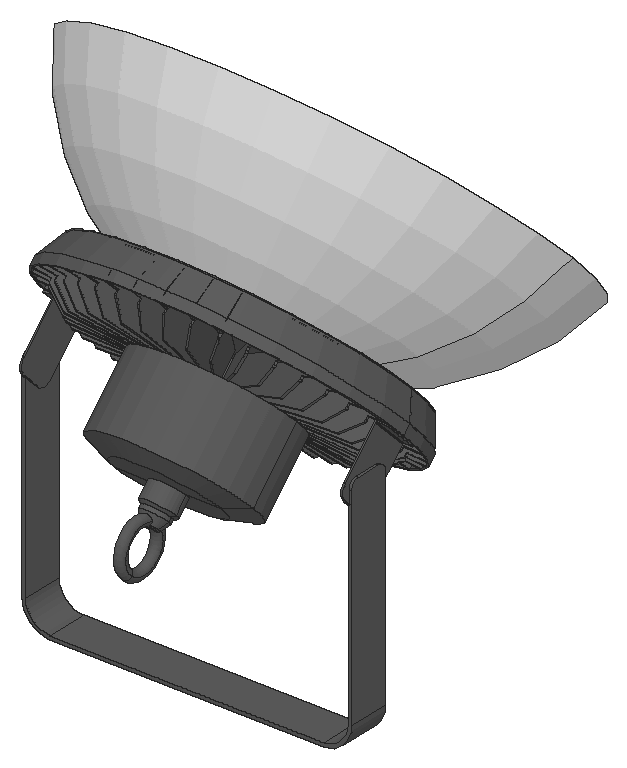
Revit family "0039345+0039354+0039356 Feilo Sylvania Lighting Fixture START HIGHBAY 4K 19KLM MEDIUM with BRACKET and ALU SHADE ALU COLOR", category Lighting Fixtures, host Face, Revit 2017
Family settings
  Host = Face
  Round Connector Dimension = Use Diameter
  Part Type = Normal
  OmniClass Number = 23.80.70.00
  OmniClass Title = Lighting
  Cut with Voids When Loaded = No
  Light Source = No
  Shared = No
  Room Calculation Point = No
Parameters (values of type "0039345+0039354+0039356 START HIGHBAY 4K 19KLM MEDIUM with BRACKET and ALU SHADE ALU COLOR")
  Weight = "3.4 kg"
  Wattage Comments = ""
  WarrantyStartDate [instance] = "n/a"
  WarrantyGuarantorParts = "n/a"
  WarrantyDurationUnit = "n/a"
  WarrantyDurationParts = "n/a"
  WarrantyDescription = "n/a"
  Voltage = 230 V
  URL = "http://www.sylvania-lighting.com"
  TypeName = "START HIGHBAY 4K 19KLM MEDIUM with BRACKET and ALU SHADE ALU COLOR"
  TypeHead_FEILO = Start LED Highbay Head : 0039345+0039354+0039356 START HIGHBAY 4K 19KLM MEDIUM with BRACKET and ALU SHADE ALU COLOR
  Type Image = <None>
  Type Comments = "n/a"
  TiltAngle_FEILO [instance] = 45.00°
  ThicknessBracketPlate_FEILO = 3 mm
  SizeBracketS_FEILO = no
  SizeBracketM_FEILO = yes
  SerialNumber [instance] = "n/a"
  RadiusBracketTop_FEILO = 7 mm
  RadiusBendOut_FEILO = if(SizeBracketS_FEILO, 18 mm, if(SizeBracketM_FEILO, 24 mm, 28 mm))  # 24 mm
  RadiusBendIn_FEILO = RadiusBendOut_FEILO - ThicknessBracketPlate_FEILO  # 21 mm
  Material_3_FEILO = none
  PowerFactor = 0.95
  PowerConsumption = "150 W"
  NominalLength = 296 mm
  NominalHeight = 177 mm
  NominalDepth = 296 mm
  Name = "START HIGHBAY 4K 19KLM MEDIUM with BRACKET and ALU SHADE ALU COLOR"
  ModelReference = Name  # "START HIGHBAY 4K 19KLM MEDIUM with BRACKET and ALU SHADE ALU COLOR"
  ModelNumber = "0039345+0039354+0039356"
  Model = Name  # "START HIGHBAY 4K 19KLM MEDIUM with BRACKET and ALU SHADE ALU COLOR"
  Material = "aluminium alloy housing, polycarbonate diffuser"
  ManufacturerName = "Feilo Sylvania"
  Manufacturer = "Feilo Sylvania"
  LuminousEfficacy = "130 lm/W"
  LuminaireType = ""
  LightOutputRatio = "n/a"
  LampsType = Lamp  # "LED"
  LampNominalLuminous = "19500 lm"
  LampMacAdamStep = "n/a"
  LampColourTemperature = "4000 K"
  LampColourRenderingIndex = "80"
  Lamp = "LED"
  Keynote = "16500"
  InstallationDate [instance] = "n/a"
  InputVoltage = "220-240V~"
  InputNominalFrequency = "50/60 Hz"
  IngressProtection = "IP65"
  ImpactProtectionIndex = "IK08"
  IfcExportType = "IfcLightFixtureType"
  IfcExportAs = "IfcLightFixtureType"
  ExpectedLife = 50000
  EndAngle_FEILO [instance] = TiltAngle_FEILO + 180.00°  # 225.00°
  ElectricShockClassification = "Class I"
  DurationUnit = "hours"
  DocumentationLiterature = "http://www.sylvania-lighting.com/product/en-int/products/0039345"
  DimmingControlOptions = "n/a"
  Material_2_FEILO = none
  Description = "START HIGHBAY, includes 1 m cables, black aluminium housing, 19500LM, 150W, 130lm/W, 4000K, Driver current: 3210mA, CR80, 60° beam angle, 1-10V dimmable,  IP65, IK08, 50,000 hrs (L70B50), (LxWxH) 296x296x177mm"
  Default Elevation = 1219.2 mm
  CreatedOn = "2/28/2018"
  CreatedBy = ""
  Cost = 0
  built-in parameter 1114216 [instance] = (empty or 0)
  ClassificationValue = "EF_70_80"
  ClassificationName = "Uniclass2015"
  Material_1_FEILO = Body-Sylvania-StartHighbay-Black
  BracketHeight_FEILO = if(SizeBracketS_FEILO, 199.5 mm, if(SizeBracketM_FEILO, 209.6 mm, 201.3 mm))  # 209.6 mm
  BracketDistanceInner_FEILO = if(SizeBracketS_FEILO, 249.4 mm, if(SizeBracketM_FEILO, 273.6 mm, 313.2 mm))  # 273.6 mm
  BarCode [instance] = "n/a"
  AssetType = "Fixed"
  AssetIdentifier [instance] = "n/a"
  Assembly Code = "D5020200"
  Apparent Load = 150 VA
  Material_4_FEILO = none
Reference planes
  plane 1 "Center (Front/Back)": y = 0
  plane 2: z = 0
  plane 3 "Center (Left/Right)": x = 0
  plane 4: x = -139.8
  plane 5: x = 139.8
  plane 6: z = 209.6
  plane 7: x = -136.8
  plane 8: z = 3
  plane 9: x = 136.8
  plane 10: y = 17.5
  plane 11: y = -17.5
  plane 12: y = -19.5
  plane 13: z = 211.6
  plane 14: y = 19.5
  plane 15: z = 200.6
Forms (mm)
  Extrusion 1, solid, material "Body-Sylvania-StartHighbay-Black" <- "Material_1_FEILO"
    sketch origin (0, 0, 0) x (1, 0, 0) y (0, 0, 1)
      loop
        line (-139.8, 209.6) -> (-139.8, 24)
        arc (-139.8, 24) -> (-132.771, 7.029) -> (-115.8, 0) r 24
        line (-115.8, 0) -> (115.8, 0)
        arc (115.8, 0) -> (132.771, 7.029) -> (139.8, 24) r 24
        line (139.8, 24) -> (139.8, 209.6) -> (136.8, 209.6) -> (136.8, 24)
        arc (136.8, 24) -> (130.649, 9.151) -> (115.8, 3) r 21
        line (115.8, 3) -> (-115.8, 3)
        arc (-115.8, 3) -> (-130.649, 9.151) -> (-136.8, 24) r 21
        line (-136.8, 24) -> (-136.8, 209.6) -> (-139.8, 209.6)
    from -17.5 to 17.5
  Extrusion 2, void
    sketch origin (0, 0, 0) x (0, 1, 0) y (0, 0, 1)
      loop
        arc (10.5, 209.6) -> (15.45, 207.55) -> (17.5, 202.6) r 7
        line (17.5, 202.6) -> (19.5, 202.6) -> (19.5, 211.6) -> (-19.5, 211.6) -> (-19.5, 202.6) -> (-17.5, 202.6)
        arc (-17.5, 202.6) -> (-15.45, 207.55) -> (-10.5, 209.6) r 7
        line (-10.5, 209.6) -> (10.5, 209.6)
    from -139.8 to 139.8
  Revolve 3, solid, not visible
    sketch origin (1223.4, -4572, 200.6) x (0, -1, 0) y (1, 0, 0)
      loop
        line (-4572, -1223.4) -> (-4591.5, -1223.4) -> (-4591.5, -1277.783) -> (-4572, -1277.783) -> (-4572, -1223.4)
      axis (-4572, -1223.4) -> (-4572, -1277.783)
    angle from 45 <- "TiltAngle_FEILO" to 225 <- "EndAngle_FEILO"
Cuts and joins
  Extrusion 2 cuts Extrusion 1
Dimensions and locks
  "BracketHeight_FEILO": plane 6 to plane 2
  equal spacing: plane 11, plane 1 "Center (Front/Back)", plane 10
  locked: plane 11 to plane 10 at 35
  equal spacing: plane 9, plane 3 "Center (Left/Right)", plane 7
  "BracketDistanceInner_FEILO": plane 9 to plane 7
  "ThicknessBracketPlate_FEILO": plane 7 to plane 4
  "ThicknessBracketPlate_FEILO": plane 8 to plane 2
  equal spacing: plane 5, plane 3 "Center (Left/Right)", plane 4
  equal spacing: plane 12, plane 1 "Center (Front/Back)", plane 14
  locked: plane 6 to plane 13 at 2
  locked: plane 12 to plane 11 at 2
  locked: plane 6 to plane 15 at 9
  "RadiusBendOut_FEILO": radius of Extrusion 1 sketch curve  (x2)
  "RadiusBendIn_FEILO": radius of Extrusion 1 sketch curve  (x2)
  "RadiusBracketTop_FEILO": radius of Extrusion 2 sketch curve  (x2)
  aligned and locked: plane 2 to host face
  aligned and locked: level to host face
  aligned and locked: Extrusion 1 sketch curve to plane 4
  aligned and locked: Extrusion 1 sketch curve to level
  aligned and locked: plane 6 to Extrusion 1 sketch curve
  aligned and locked: Extrusion 1 sketch curve to plane 6
  aligned and locked: Extrusion 1 sketch curve to plane 7
  aligned and locked: plane 9 to Extrusion 1 sketch curve
  aligned and locked: plane 8 to Extrusion 1 sketch curve
  aligned and locked: Extrusion 1 to plane 10
  aligned and locked: plane 11 to Extrusion 1
  aligned and locked: Extrusion 1 to Extrusion 2 sketch curve
  aligned and locked: plane 14 to Extrusion 2 sketch curve  (x2)
  aligned and locked: Extrusion 2 sketch curve to plane 12
  aligned and locked: plane 13 to Extrusion 2 sketch curve
  aligned and locked: plane 5 to Extrusion 2
  aligned and locked: Extrusion 2 to plane 4
  aligned and locked: Revolve 3 sketch curve to plane 1 "Center (Front/Back)"
  aligned and locked: Revolve 3 sketch curve to Revolve 3 sketch curve
  aligned and locked: plane 3 "Center (Left/Right)" to Revolve 3 sketch curve
  aligned and locked: Revolve 3 sketch curve to plane 14
  aligned and locked: nested 1 to plane 3 "Center (Left/Right)"
Automatic sketch dimensions
  host sketch curve to host sketch curve = 2438.4 mm  (x2)
  Revolve 3 sketch curve to Revolve 3 sketch curve = 54.383 mm
  Revolve 3 sketch curve to plane 4 = 1396.3 mm
  plane 5 to Revolve 3 sketch curve = 1396.3 mm
  Extrusion 1 sketch curve to Extrusion 1 sketch curve = 0 mm
  Extrusion 2 sketch curve to plane 11 = 0 mm
  Extrusion 2 sketch curve to plane 10 = 0 mm
Nested families
  nested 1: "Start LED Highbay Head" at (0, 0, 200.6) x (-1, 0, 0) z (0, 0.7071, 0.7071), type <- "TypeHead_FEILO", type "0039345+0039354+0039356 START HIGHBAY 4K 19KLM MEDIUM with BRACKET and ALU SHADE ALU COLOR"
    with built-in parameter 1114216 (empty or 0)
Connectors
  electrical at (0, 0, 0), driven by "Apparent Load", driven by "PowerFactor", driven by "Voltage"
    settings: index 1, voltage 230 V, apparent load 150 VA, apparent load phase1 0 VA, apparent load phase2 0 VA, apparent load phase3 0 VA, power factor 0.95, load classification "Lighting", number of poles 1, system type 30, power factor state 1, is connector primary yes, connector utility no, sub classification motor no, connector description ""
Definition of nested family "Start LED Highbay Head"
  Parameters (values of type "0039351+0039354+0039358 START HIGHBAY 6K 19KLM WIDE with BRACKET and PC LAMPSHADE TRANSPARENT ")
    X_FEILO = if(SizeS_FEILO, 60.3 mm, if(SizeM_FEILO, 70.4 mm, 83.5 mm))  # 70.4 mm
    WidthStraight_FEILO = if(SizeS_FEILO, 3 mm, if(SizeM_FEILO, 4 mm, 4.7 mm))  # 4 mm
    WidthRingChamfer_FEILO = if(SizeS_FEILO, 10.3 mm, if(SizeM_FEILO, 11.2 mm, 12.9 mm))  # 11.2 mm
    WidthCurved_FEILO = if(SizeS_FEILO, 17.4 mm, if(SizeM_FEILO, 16.4 mm, 26.2 mm))  # 16.4 mm
    WidthCurvedRing_FEILO = if(SizeS_FEILO, 3 mm, if(SizeM_FEILO, 4 mm, 4.7 mm))  # 4 mm
    WidthBracket_FEILO = 40 mm
    Wattage Comments = ""
    Wattage = 150 W
    built-in parameter 1150110 = 1 (stored number, unit not read)
    URL = "http://www.feilosylvania.com"
    Type Image = (empty or 0)
    Type Comments = "n/a"
    built-in parameter 1114217 = 1 (stored number, unit not read)
    Tilt Angle = -90.00°
    ThicknessWall_FEILO = 1.5 mm
    ThicknessBracket_FEILO = 1.5 mm
    ThicknessBracketHalf_FEILO = ThicknessBracket_FEILO / 2  # 0.75 mm
    built-in parameter 1150109 = 1 (stored number, unit not read)
    built-in parameter 1150134 = 1
    built-in parameter 1150113 = 1 (stored number, unit not read)
    SizeS_FEILO = no
    SizeM_FEILO = yes
    ShadeThickness_FEILO = 3 mm
    ShadeSizeSM_FEILO = or(SizeS_FEILO, SizeM_FEILO)  # yes
    ShadeRadiusOut_FEILO = 205 mm
    ShadeRadiusIn_FEILO = if(ShadeSizeSM_FEILO, 95 mm, 121 mm)  # 95 mm
    ShadeRadiusBend_FEILO = if(ShadeSizeSM_FEILO, 210 mm, 210 mm)  # 210 mm
    ShadeOn_FEILO = yes
    ShadeHeight_FEILO = if(ShadeSizeSM_FEILO, 120 mm, 151 mm)  # 120 mm
    Rib4_FEILO = if(SizeS_FEILO, 18.1 mm, if(SizeM_FEILO, 13.6 mm, 14.6 mm))  # 13.6 mm
    Rib3_FEILO = if(SizeS_FEILO, 15.3 mm, if(SizeM_FEILO, 17.6 mm, 20.2 mm))  # 17.6 mm
    Rib2_FEILO = if(SizeS_FEILO, 3.6 mm, if(SizeM_FEILO, 3.9 mm, 4.5 mm))  # 3.9 mm
    Rib1_FEILO = if(SizeS_FEILO, 15.1 mm, if(SizeM_FEILO, 16.5 mm, 19 mm))  # 16.5 mm
    RadiusDiffuser_FEILO = if(SizeS_FEILO, 95.2 mm, if(SizeM_FEILO, 105.3 mm, 120 mm))  # 105.3 mm
    RadiusArrayPost_FEILO = DriverRadius_FEILO - 6 mm  # 61.2 mm
    RHRadius3_FEILO = if(SizeS_FEILO, 6.6 mm, if(SizeM_FEILO, 7.4 mm, 8.6 mm))  # 7.4 mm
    RHRadius2_FEILO = if(SizeS_FEILO, 11 mm, if(SizeM_FEILO, 12 mm, 14 mm))  # 12 mm
    RHRadius1_FEILO = if(SizeS_FEILO, 13.6 mm, if(SizeM_FEILO, 14.9 mm, 17.7 mm))  # 14.9 mm
    RHHeight4_FEILO = if(SizeS_FEILO, 7.3 mm, if(SizeM_FEILO, 8 mm, 9.2 mm))  # 8 mm
    RHHeight3_FEILO = if(SizeS_FEILO, 3.6 mm, if(SizeM_FEILO, 3.7 mm, 4.6 mm))  # 3.7 mm
    RHHeight2_FEILO = if(SizeS_FEILO, 2 mm, if(SizeM_FEILO, 2.2 mm, 2.6 mm))  # 2.2 mm
    RHHeight1_FEILO = if(SizeS_FEILO, 11.8 mm, if(SizeM_FEILO, 15.3 mm, 17.4 mm))  # 15.3 mm
    Photometric Web File = "0039351+0039358.ies"
    Material_5_FEILO = none
    Material_3_FEILO = none
    Model = "START HIGHBAY 6K 19KLM WIDE with BRACKET and PC LAMPSHADE TRANSPARENT"
    Manufacturer = "Feilo Sylvania"
    built-in parameter 1150105 = 10854.2 (stored number, unit not read)
    Lumens = 19500 lm
    built-in parameter 1150115 = 1 (stored number, unit not read)
    built-in parameter 1150137 = (empty or 0)
    built-in parameter 1150139 = (empty or 0)
    built-in parameter 1150112 = 1 (stored number, unit not read)
    built-in parameter 1150114 = 1 (stored number, unit not read)
    Lamp = "LED"
    Keynote = "16500"
    built-in parameter 1150132 = (empty or 0)
    built-in parameter 1150102 = (empty or 0)
    built-in parameter 1150107 = 6500 (stored number, unit not read)
    built-in parameter 1150138 = (empty or 0)
    built-in parameter 1150106 = 108.54 (stored number, unit not read)
    HeightRing_FEILO = if(SizeS_FEILO, 19.8 mm, if(SizeM_FEILO, 32 mm, 36.8 mm))  # 32 mm
    HeightRingChamfer_FEILO = if(SizeS_FEILO, 11.7 mm, if(SizeM_FEILO, 23.2 mm, 26.6 mm))  # 23.2 mm
    EyeThickness_FEILO = if(SizeS_FEILO, 8.4 mm, if(SizeM_FEILO, 9.2 mm, 10.5 mm))  # 9.2 mm
    EyeThicknessHalf_FEILO = EyeThickness_FEILO / 2  # 4.6 mm
    EyeInner_FEILO = if(SizeS_FEILO, 13.8 mm, if(SizeM_FEILO, 15.1 mm, 17.3 mm))  # 15.1 mm
    Emit from Circle Diameter = RadiusDiffuser_FEILO * 2  # 210.6 mm
    Emit Shape Visible in Rendering = no
    built-in parameter 1150104 = 12.077 (stored number, unit not read)
    DriverVerticalStraight_FEILO = if(SizeS_FEILO, 46.5 mm, if(SizeM_FEILO, 49.7 mm, 57 mm))  # 49.7 mm
    DriverVerticalChamfer_FEILO = if(SizeS_FEILO, 7.5 mm, if(SizeM_FEILO, 8.2 mm, 9.5 mm))  # 8.2 mm
    DriverRadius_FEILO = if(SizeS_FEILO, 61.4 mm, if(SizeM_FEILO, 67.2 mm, 76.4 mm))  # 67.2 mm
    DriverRadiusTop_FEILO = if(SizeS_FEILO, 42 mm, if(SizeM_FEILO, 45.3 mm, 52.4 mm))  # 45.3 mm
    DriverBottom_FEILO = if(SizeS_FEILO, 56 mm, if(SizeM_FEILO, 64.5 mm, 74 mm))  # 64.5 mm
    Material_2_FEILO = none
    Radius_FEILO = if(SizeS_FEILO, 135 mm, if(SizeM_FEILO, 148 mm, 169.5 mm))  # 148 mm
    Dimming Lamp Color Temperature Shift = (empty or 0)
    DiameterWire_FEILO = 3 mm
    DiameterWireSupport_FEILO = 10 mm
    Description = "START HIGHBAY, includes 1 m cables, black aluminium housing, 19500LM, 150W, 130lm/W, 6500K, Driver current: 2140mA, CR80, 60° beam angle, 1-10V dimmable,  IP65, IK08, 50,000 hrs (L70B50), (LxWxH) 296x296x177mm"
    Default Elevation = 1219.2 mm
    Cost = 0
    Color Filter = 16777215
    built-in parameter 1114216 [instance] = (empty or 0)
    Material_1_FEILO = none
    built-in parameter 1114218 = 1 (stored number, unit not read)
    built-in parameter 1150133 = 10 (stored number, unit not read)
    Assembly Code = "D5020200"
    Apparent Load = 150 VA
    Material_4_FEILO = none
  Types (36, lengths in mm): name | X_FEILO | WidthStraight_FEILO | WidthRingChamfer_FEILO | WidthCurved_FEILO | WidthCurvedRing_FEILO | Wattage | built-in parameter 1150134 | SizeS_FEILO | SizeM_FEILO | ShadeSizeSM_FEILO | ShadeRadiusIn_FEILO | ShadeOn_FEILO | ShadeHeight_FEILO | Rib4_FEILO | Rib3_FEILO | Rib2_FEILO | Rib1_FEILO | RadiusDiffuser_FEILO | RadiusArrayPost_FEILO | RHRadius3_FEILO | RHRadius2_FEILO | RHRadius1_FEILO | RHHeight4_FEILO | RHHeight3_FEILO | RHHeight2_FEILO | RHHeight1_FEILO | Photometric Web File | Model | built-in parameter 1150105 | Lumens | built-in parameter 1150107 | built-in parameter 1150106 | HeightRing_FEILO | HeightRingChamfer_FEILO | EyeThickness_FEILO | EyeThicknessHalf_FEILO | EyeInner_FEILO | Emit from Circle Diameter | DriverVerticalStraight_FEILO | DriverVerticalChamfer_FEILO | DriverRadius_FEILO | DriverRadiusTop_FEILO | DriverBottom_FEILO | Radius_FEILO | Description | Apparent Load
    0039352+0039355+0039361 START HIGHBAY 6K 26KLM WIDE with BRACKET and PC LAMPSHADE TRANSPARENT | 83.5 | 4.7 | 12.9 | 26.2 | 4.7 | 200 W | 1 | no | no | no | 121 | yes | 151 | 14.6 | 20.2 | 4.5 | 19 | 120 | 70.4 | 8.6 | 14 | 17.7 | 9.2 | 4.6 | 2.6 | 17.4 | "0039352+0039361.ies" | "START HIGHBAY 6K 26KLM WIDE with BRACKET and PC LAMPSHADE TRANSPARENT" | 17911 (stored number, unit not read) | 26000 lm | 6500 (stored number, unit not read) | 179.11 (stored number, unit not read) | 36.8 | 26.6 | 10.5 | 5.25 | 17.3 | 240 | 57 | 9.5 | 76.4 | 52.4 | 74 | 169.5 | "START HIGHBAY, includes 1 m cables, black aluminium housing, 26000LM, 200W, 130lm/W, 6500K, Driver current: 5000mA, CR80, 60° beam angle, 1-10V dimmable,  IP65, IK08, 50,000 hrs (L70B50), (LxWxH) 339x339x194mm" | 200 VA
    0039352+0039355+0039360 START HIGHBAY 6K 26KLM WIDE with BRACKET and ALU SHADE BLACK COLOR | 83.5 | 4.7 | 12.9 | 26.2 | 4.7 | 200 W | 1 | no | no | no | 121 | yes | 151 | 14.6 | 20.2 | 4.5 | 19 | 120 | 70.4 | 8.6 | 14 | 17.7 | 9.2 | 4.6 | 2.6 | 17.4 | "0039352+0039360.ies" | "START HIGHBAY 6K 26KLM WIDE with BRACKET and ALU SHADE BLACK COLOR" | 14870 (stored number, unit not read) | 26000 lm | 6500 (stored number, unit not read) | 148.7 (stored number, unit not read) | 36.8 | 26.6 | 10.5 | 5.25 | 17.3 | 240 | 57 | 9.5 | 76.4 | 52.4 | 74 | 169.5 | "START HIGHBAY, includes 1 m cables, black aluminium housing, 26000LM, 200W, 130lm/W, 6500K, Driver current: 5000mA, CR80, 60° beam angle, 1-10V dimmable,  IP65, IK08, 50,000 hrs (L70B50), (LxWxH) 339x339x194mm" | 200 VA
    0039352+0039355+0039359 START HIGHBAY 6K 26KLM WIDE with BRACKET and ALU SHADE ALU COLOR | 83.5 | 4.7 | 12.9 | 26.2 | 4.7 | 200 W | 1 | no | no | no | 121 | yes | 151 | 14.6 | 20.2 | 4.5 | 19 | 120 | 70.4 | 8.6 | 14 | 17.7 | 9.2 | 4.6 | 2.6 | 17.4 | "0039352+0039359.ies" | "START HIGHBAY 6K 26KLM WIDE with BRACKET and ALU SHADE ALU COLOR" | 14870 (stored number, unit not read) | 26000 lm | 6500 (stored number, unit not read) | 148.7 (stored number, unit not read) | 36.8 | 26.6 | 10.5 | 5.25 | 17.3 | 240 | 57 | 9.5 | 76.4 | 52.4 | 74 | 169.5 | "START HIGHBAY, includes 1 m cables, black aluminium housing, 26000LM, 200W, 130lm/W, 6500K, Driver current: 5000mA, CR80, 60° beam angle, 1-10V dimmable,  IP65, IK08, 50,000 hrs (L70B50), (LxWxH) 339x339x194mm" | 200 VA
    0039352+0039355 START HIGHBAY 6K 26KLM WIDE with BRACKET | 83.5 | 4.7 | 12.9 | 26.2 | 4.7 | 200 W | 1 | no | no | no | 121 | no | 151 | 14.6 | 20.2 | 4.5 | 19 | 120 | 70.4 | 8.6 | 14 | 17.7 | 9.2 | 4.6 | 2.6 | 17.4 | "0039352.ies" | "START HIGHBAY 6K 26KLM WIDE with BRACKET" | 13836.2 (stored number, unit not read) | 26000 lm | 6500 (stored number, unit not read) | 138.36 (stored number, unit not read) | 36.8 | 26.6 | 10.5 | 5.25 | 17.3 | 240 | 57 | 9.5 | 76.4 | 52.4 | 74 | 169.5 | "START HIGHBAY, includes 1 m cables, black aluminium housing, 26000LM, 200W, 130lm/W, 6500K, Driver current: 5000mA, CR80, 60° beam angle, 1-10V dimmable,  IP65, IK08, 50,000 hrs (L70B50), (LxWxH) 339x339x194mm" | 200 VA
    0039351+0039354+0039358 START HIGHBAY 6K 19KLM WIDE with BRACKET and PC LAMPSHADE TRANSPARENT | 70.4 | 4 | 11.2 | 16.4 | 4 | 150 W | 1 | no | yes | yes | 95 | yes | 120 | 13.6 | 17.6 | 3.9 | 16.5 | 105.3 | 61.2 | 7.4 | 12 | 14.9 | 8 | 3.7 | 2.2 | 15.3 | "0039351+0039358.ies" | "START HIGHBAY 6K 19KLM WIDE with BRACKET and PC LAMPSHADE TRANSPARENT" | 10854.2 (stored number, unit not read) | 19500 lm | 6500 (stored number, unit not read) | 108.54 (stored number, unit not read) | 32 | 23.2 | 9.2 | 4.6 | 15.1 | 210.6 | 49.7 | 8.2 | 67.2 | 45.3 | 64.5 | 148 | "START HIGHBAY, includes 1 m cables, black aluminium housing, 19500LM, 150W, 130lm/W, 6500K, Driver current: 2140mA, CR80, 60° beam angle, 1-10V dimmable,  IP65, IK08, 50,000 hrs (L70B50), (LxWxH) 296x296x177mm" | 150 VA
    0039351+0039354+0039357 START HIGHBAY 6K 19KLM WIDE with BRACKET and ALU SHADE BLACK COLOR | 70.4 | 4 | 11.2 | 16.4 | 4 | 150 W | 1 | no | yes | yes | 95 | yes | 120 | 13.6 | 17.6 | 3.9 | 16.5 | 105.3 | 61.2 | 7.4 | 12 | 14.9 | 8 | 3.7 | 2.2 | 15.3 | "0039351+0039357.ies" | "START HIGHBAY 6K 19KLM WIDE with BRACKET and ALU SHADE BLACK COLOR" | 11152.5 (stored number, unit not read) | 19500 lm | 6500 (stored number, unit not read) | 111.52 (stored number, unit not read) | 32 | 23.2 | 9.2 | 4.6 | 15.1 | 210.6 | 49.7 | 8.2 | 67.2 | 45.3 | 64.5 | 148 | "START HIGHBAY, includes 1 m cables, black aluminium housing, 19500LM, 150W, 130lm/W, 6500K, Driver current: 2140mA, CR80, 60° beam angle, 1-10V dimmable,  IP65, IK08, 50,000 hrs (L70B50), (LxWxH) 296x296x177mm" | 150 VA
    0039351+0039354+0039356 START HIGHBAY 6K 19KLM WIDE with BRACKET and ALU SHADE ALU COLOR | 70.4 | 4 | 11.2 | 16.4 | 4 | 150 W | 1 | no | yes | yes | 95 | yes | 120 | 13.6 | 17.6 | 3.9 | 16.5 | 105.3 | 61.2 | 7.4 | 12 | 14.9 | 8 | 3.7 | 2.2 | 15.3 | "0039351+0039356.ies" | "START HIGHBAY 6K 19KLM WIDE with BRACKET and ALU SHADE ALU COLOR" | 11152.5 (stored number, unit not read) | 19500 lm | 6500 (stored number, unit not read) | 111.52 (stored number, unit not read) | 32 | 23.2 | 9.2 | 4.6 | 15.1 | 210.6 | 49.7 | 8.2 | 67.2 | 45.3 | 64.5 | 148 | "START HIGHBAY, includes 1 m cables, black aluminium housing, 19500LM, 150W, 130lm/W, 6500K, Driver current: 2140mA, CR80, 60° beam angle, 1-10V dimmable,  IP65, IK08, 50,000 hrs (L70B50), (LxWxH) 296x296x177mm" | 150 VA
    0039351+0039354 START HIGHBAY 6K 19KLM WIDE with BRACKET | 70.4 | 4 | 11.2 | 16.4 | 4 | 150 W | 1 | no | yes | yes | 95 | no | 120 | 13.6 | 17.6 | 3.9 | 16.5 | 105.3 | 61.2 | 7.4 | 12 | 14.9 | 8 | 3.7 | 2.2 | 15.3 | "0039351.ies" | "START HIGHBAY 6K 19KLM WIDE with BRACKET" | 10377.1 (stored number, unit not read) | 19500 lm | 6500 (stored number, unit not read) | 103.77 (stored number, unit not read) | 32 | 23.2 | 9.2 | 4.6 | 15.1 | 210.6 | 49.7 | 8.2 | 67.2 | 45.3 | 64.5 | 148 | "START HIGHBAY, includes 1 m cables, black aluminium housing, 19500LM, 150W, 130lm/W, 6500K, Driver current: 2140mA, CR80, 60° beam angle, 1-10V dimmable,  IP65, IK08, 50,000 hrs (L70B50), (LxWxH) 296x296x177mm" | 150 VA
    0039350+0039353+0039358 START HIGHBAY 6K 13KLM WIDE with BRACKET and PC LAMPSHADE TRANSPARENT | 60.3 | 3 | 10.3 | 17.4 | 3 | 100 W | 1 | yes | no | yes | 95 | yes | 120 | 18.1 | 15.3 | 3.6 | 15.1 | 95.2 | 55.4 | 6.6 | 11 | 13.6 | 7.3 | 3.6 | 2 | 11.8 | "0039350+0039358.ies" | "START HIGHBAY 6K 13KLM WIDE with BRACKET and PC LAMPSHADE TRANSPARENT" | 7236.1 (stored number, unit not read) | 13000 lm | 6500 (stored number, unit not read) | 72.361 (stored number, unit not read) | 19.8 | 11.7 | 8.4 | 4.2 | 13.8 | 190.4 | 46.5 | 7.5 | 61.4 | 42 | 56 | 135 | "START HIGHBAY, includes 1 m cables, black aluminium housing, 13000LM, 100W, 130lm/W, 6500K, Driver current: 2140mA, CR80, 60° beam angle, 1-10V dimmable,  IP65, IK08, 50,000 hrs (L70B50), (LxWxH) 270x270x170mm" | 100 VA
    0039350+0039353+0039357 START HIGHBAY 6K 13KLM WIDE with BRACKET and ALU SHADE BLACK COLOR | 60.3 | 3 | 10.3 | 17.4 | 3 | 100 W | 1 | yes | no | yes | 95 | yes | 120 | 18.1 | 15.3 | 3.6 | 15.1 | 95.2 | 55.4 | 6.6 | 11 | 13.6 | 7.3 | 3.6 | 2 | 11.8 | "0039350+0039357.ies" | "START HIGHBAY 6K 13KLM WIDE with BRACKET and ALU SHADE BLACK COLOR" | 7435 (stored number, unit not read) | 13000 lm | 6500 (stored number, unit not read) | 74.35 (stored number, unit not read) | 19.8 | 11.7 | 8.4 | 4.2 | 13.8 | 190.4 | 46.5 | 7.5 | 61.4 | 42 | 56 | 135 | "START HIGHBAY, includes 1 m cables, black aluminium housing, 13000LM, 100W, 130lm/W, 6500K, Driver current: 2140mA, CR80, 60° beam angle, 1-10V dimmable,  IP65, IK08, 50,000 hrs (L70B50), (LxWxH) 270x270x170mm" | 100 VA
    0039350+0039353+0039356 START HIGHBAY 6K 13KLM WIDE with BRACKET and ALU SHADE ALU COLOR | 60.3 | 3 | 10.3 | 17.4 | 3 | 100 W | 1 | yes | no | yes | 95 | yes | 120 | 18.1 | 15.3 | 3.6 | 15.1 | 95.2 | 55.4 | 6.6 | 11 | 13.6 | 7.3 | 3.6 | 2 | 11.8 | "0039350+0039356.ies" | "START HIGHBAY 6K 13KLM WIDE with BRACKET and ALU SHADE ALU COLOR" | 7435 (stored number, unit not read) | 13000 lm | 6500 (stored number, unit not read) | 74.35 (stored number, unit not read) | 19.8 | 11.7 | 8.4 | 4.2 | 13.8 | 190.4 | 46.5 | 7.5 | 61.4 | 42 | 56 | 135 | "START HIGHBAY, includes 1 m cables, black aluminium housing, 13000LM, 100W, 130lm/W, 6500K, Driver current: 2140mA, CR80, 60° beam angle, 1-10V dimmable,  IP65, IK08, 50,000 hrs (L70B50), (LxWxH) 270x270x170mm" | 100 VA
    0039350+0039353 START HIGHBAY 6K 13KLM WIDE with BRACKET | 60.3 | 3 | 10.3 | 17.4 | 3 | 100 W | 1 | yes | no | yes | 95 | no | 120 | 18.1 | 15.3 | 3.6 | 15.1 | 95.2 | 55.4 | 6.6 | 11 | 13.6 | 7.3 | 3.6 | 2 | 11.8 | "0039350.ies" | "START HIGHBAY 6K 13KLM WIDE with BRACKET" | 6918.1 (stored number, unit not read) | 13000 lm | 6500 (stored number, unit not read) | 69.181 (stored number, unit not read) | 19.8 | 11.7 | 8.4 | 4.2 | 13.8 | 190.4 | 46.5 | 7.5 | 61.4 | 42 | 56 | 135 | "START HIGHBAY, includes 1 m cables, black aluminium housing, 13000LM, 100W, 130lm/W, 6500K, Driver current: 2140mA, CR80, 60° beam angle, 1-10V dimmable,  IP65, IK08, 50,000 hrs (L70B50), (LxWxH) 270x270x170mm" | 100 VA
    0039349+0039355+0039361 START HIGHBAY 4K 26KLM WIDE with BRACKET and PC LAMPSHADE TRANSPARENT FOR | 83.5 | 4.7 | 12.9 | 26.2 | 4.7 | 200 W | 12 | no | no | no | 121 | yes | 151 | 14.6 | 20.2 | 4.5 | 19 | 120 | 70.4 | 8.6 | 14 | 17.7 | 9.2 | 4.6 | 2.6 | 17.4 | "0039349+0039361.ies" | "START HIGHBAY 4K 26KLM WIDE with BRACKET and PC LAMPSHADE TRANSPARENT FOR" | 17911 (stored number, unit not read) | 26000 lm | 4000 (stored number, unit not read) | 179.11 (stored number, unit not read) | 36.8 | 26.6 | 10.5 | 5.25 | 17.3 | 240 | 57 | 9.5 | 76.4 | 52.4 | 74 | 169.5 | "START HIGHBAY, includes 1 m cables, black aluminium housing, 26000LM, 200W, 130lm/W, 4000K, Driver current: 5000mA, CR80, 90° beam angle, 1-10V dimmable,  IP65, IK08, 50,000 hrs (L70B50), (LxWxH) 339x339x194mm" | 200 VA
    0039349+0039355+0039360 START HIGHBAY 4K 26KLM WIDE with BRACKET and ALU SHADE BLACK COLOR | 83.5 | 4.7 | 12.9 | 26.2 | 4.7 | 200 W | 12 | no | no | no | 121 | yes | 151 | 14.6 | 20.2 | 4.5 | 19 | 120 | 70.4 | 8.6 | 14 | 17.7 | 9.2 | 4.6 | 2.6 | 17.4 | "0039349+0039360.ies" | "START HIGHBAY 4K 26KLM WIDE with BRACKET and ALU SHADE BLACK COLOR" | 14870 (stored number, unit not read) | 26000 lm | 4000 (stored number, unit not read) | 148.7 (stored number, unit not read) | 36.8 | 26.6 | 10.5 | 5.25 | 17.3 | 240 | 57 | 9.5 | 76.4 | 52.4 | 74 | 169.5 | "START HIGHBAY, includes 1 m cables, black aluminium housing, 26000LM, 200W, 130lm/W, 4000K, Driver current: 5000mA, CR80, 90° beam angle, 1-10V dimmable,  IP65, IK08, 50,000 hrs (L70B50), (LxWxH) 339x339x194mm" | 200 VA
    0039349+0039355+0039359 START HIGHBAY 4K 26KLM WIDE with BRACKET and ALU SHADE ALU COLOR | 83.5 | 4.7 | 12.9 | 26.2 | 4.7 | 200 W | 12 | no | no | no | 121 | yes | 151 | 14.6 | 20.2 | 4.5 | 19 | 120 | 70.4 | 8.6 | 14 | 17.7 | 9.2 | 4.6 | 2.6 | 17.4 | "0039349+0039359.ies" | "START HIGHBAY 4K 26KLM WIDE with BRACKET and ALU SHADE ALU COLOR" | 14870 (stored number, unit not read) | 26000 lm | 4000 (stored number, unit not read) | 148.7 (stored number, unit not read) | 36.8 | 26.6 | 10.5 | 5.25 | 17.3 | 240 | 57 | 9.5 | 76.4 | 52.4 | 74 | 169.5 | "START HIGHBAY, includes 1 m cables, black aluminium housing, 26000LM, 200W, 130lm/W, 4000K, Driver current: 5000mA, CR80, 90° beam angle, 1-10V dimmable,  IP65, IK08, 50,000 hrs (L70B50), (LxWxH) 339x339x194mm" | 200 VA
    0039349+0039355 START HIGHBAY 4K 26KLM WIDE with BRACKET | 83.5 | 4.7 | 12.9 | 26.2 | 4.7 | 200 W | 12 | no | no | no | 121 | no | 151 | 14.6 | 20.2 | 4.5 | 19 | 120 | 70.4 | 8.6 | 14 | 17.7 | 9.2 | 4.6 | 2.6 | 17.4 | "0039349.ies" | "START HIGHBAY 4K 26KLM WIDE with BRACKET" | 13836.2 (stored number, unit not read) | 26000 lm | 4000 (stored number, unit not read) | 138.36 (stored number, unit not read) | 36.8 | 26.6 | 10.5 | 5.25 | 17.3 | 240 | 57 | 9.5 | 76.4 | 52.4 | 74 | 169.5 | "START HIGHBAY, includes 1 m cables, black aluminium housing, 26000LM, 200W, 130lm/W, 4000K, Driver current: 5000mA, CR80, 90° beam angle, 1-10V dimmable,  IP65, IK08, 50,000 hrs (L70B50), (LxWxH) 339x339x194mm" | 200 VA
    0039348+0039354+0039358 START HIGHBAY 4K 19KLM WIDE with BRACKET and PC LAMPSHADE TRANSPARENT | 70.4 | 4 | 11.2 | 16.4 | 4 | 150 W | 12 | no | yes | yes | 95 | yes | 120 | 13.6 | 17.6 | 3.9 | 16.5 | 105.3 | 61.2 | 7.4 | 12 | 14.9 | 8 | 3.7 | 2.2 | 15.3 | "0039348+0039358.ies" | "START HIGHBAY 4K 19KLM WIDE with BRACKET and PC LAMPSHADE TRANSPARENT" | 10854.2 (stored number, unit not read) | 19500 lm | 4000 (stored number, unit not read) | 108.54 (stored number, unit not read) | 32 | 23.2 | 9.2 | 4.6 | 15.1 | 210.6 | 49.7 | 8.2 | 67.2 | 45.3 | 64.5 | 148 | "START HIGHBAY, includes 1 m cables, black aluminium housing, 19500LM, 150W, 130lm/W, 4000K, Driver current: 3210mA, CR80, 90° beam angle, 1-10V dimmable,  IP65, IK08, 50,000 hrs (L70B50), (LxWxH) 296x296x177mm" | 150 VA
    0039348+0039354+0039357 START HIGHBAY 4K 19KLM WIDE with BRACKET and ALU SHADE BLACK COLOR | 70.4 | 4 | 11.2 | 16.4 | 4 | 150 W | 12 | no | yes | yes | 95 | yes | 120 | 13.6 | 17.6 | 3.9 | 16.5 | 105.3 | 61.2 | 7.4 | 12 | 14.9 | 8 | 3.7 | 2.2 | 15.3 | "0039348+0039357.ies" | "START HIGHBAY 4K 19KLM WIDE with BRACKET and ALU SHADE BLACK COLOR" | 11152.5 (stored number, unit not read) | 19500 lm | 4000 (stored number, unit not read) | 111.52 (stored number, unit not read) | 32 | 23.2 | 9.2 | 4.6 | 15.1 | 210.6 | 49.7 | 8.2 | 67.2 | 45.3 | 64.5 | 148 | "START HIGHBAY, includes 1 m cables, black aluminium housing, 19500LM, 150W, 130lm/W, 4000K, Driver current: 3210mA, CR80, 90° beam angle, 1-10V dimmable,  IP65, IK08, 50,000 hrs (L70B50), (LxWxH) 296x296x177mm" | 150 VA
    0039348+0039354+0039356 START HIGHBAY 4K 19KLM WIDE with BRACKET and ALU SHADE ALU COLOR | 70.4 | 4 | 11.2 | 16.4 | 4 | 150 W | 12 | no | yes | yes | 95 | yes | 120 | 13.6 | 17.6 | 3.9 | 16.5 | 105.3 | 61.2 | 7.4 | 12 | 14.9 | 8 | 3.7 | 2.2 | 15.3 | "0039348+0039356.ies" | "START HIGHBAY 4K 19KLM WIDE with BRACKET and ALU SHADE ALU COLOR" | 11152.5 (stored number, unit not read) | 19500 lm | 4000 (stored number, unit not read) | 111.52 (stored number, unit not read) | 32 | 23.2 | 9.2 | 4.6 | 15.1 | 210.6 | 49.7 | 8.2 | 67.2 | 45.3 | 64.5 | 148 | "START HIGHBAY, includes 1 m cables, black aluminium housing, 19500LM, 150W, 130lm/W, 4000K, Driver current: 3210mA, CR80, 90° beam angle, 1-10V dimmable,  IP65, IK08, 50,000 hrs (L70B50), (LxWxH) 296x296x177mm" | 150 VA
    0039348+0039354 START HIGHBAY 4K 19KLM WIDE with BRACKET | 70.4 | 4 | 11.2 | 16.4 | 4 | 150 W | 12 | no | yes | yes | 95 | no | 120 | 13.6 | 17.6 | 3.9 | 16.5 | 105.3 | 61.2 | 7.4 | 12 | 14.9 | 8 | 3.7 | 2.2 | 15.3 | "0039348.ies" | "START HIGHBAY 4K 19KLM WIDE with BRACKET" | 10377.1 (stored number, unit not read) | 19500 lm | 4000 (stored number, unit not read) | 103.77 (stored number, unit not read) | 32 | 23.2 | 9.2 | 4.6 | 15.1 | 210.6 | 49.7 | 8.2 | 67.2 | 45.3 | 64.5 | 148 | "START HIGHBAY, includes 1 m cables, black aluminium housing, 19500LM, 150W, 130lm/W, 4000K, Driver current: 3210mA, CR80, 90° beam angle, 1-10V dimmable,  IP65, IK08, 50,000 hrs (L70B50), (LxWxH) 296x296x177mm" | 150 VA
    0039347+0039353+0039358 START HIGHBAY 4K 13KLM WIDE with BRACKET and PC LAMPSHADE TRANSPARENT | 60.3 | 3 | 10.3 | 17.4 | 3 | 100 W | 12 | yes | no | yes | 95 | yes | 120 | 18.1 | 15.3 | 3.6 | 15.1 | 95.2 | 55.4 | 6.6 | 11 | 13.6 | 7.3 | 3.6 | 2 | 11.8 | "0039347+0039358.ies" | "START HIGHBAY 4K 13KLM WIDE with BRACKET and PC LAMPSHADE TRANSPARENT" | 7236.1 (stored number, unit not read) | 13000 lm | 4000 (stored number, unit not read) | 72.361 (stored number, unit not read) | 19.8 | 11.7 | 8.4 | 4.2 | 13.8 | 190.4 | 46.5 | 7.5 | 61.4 | 42 | 56 | 135 | "START HIGHBAY, includes 1 m cables, black aluminium housing, 13000LM, 100W, 130lm/W, 4000K, Driver current: 2140mA, CR80, 90° beam angle, 1-10V dimmable,  IP65, IK08, 50,000 hrs (L70B50), (LxWxH) 270x270x170mm" | 100 VA
    0039347+0039353+0039357 START HIGHBAY 4K 13KLM WIDE with BRACKET and ALU SHADE BLACK COLOR | 60.3 | 3 | 10.3 | 17.4 | 3 | 100 W | 12 | yes | no | yes | 95 | yes | 120 | 18.1 | 15.3 | 3.6 | 15.1 | 95.2 | 55.4 | 6.6 | 11 | 13.6 | 7.3 | 3.6 | 2 | 11.8 | "0039347+0039357.ies" | "START HIGHBAY 4K 13KLM WIDE with BRACKET and ALU SHADE BLACK COLOR" | 7435 (stored number, unit not read) | 13000 lm | 4000 (stored number, unit not read) | 74.35 (stored number, unit not read) | 19.8 | 11.7 | 8.4 | 4.2 | 13.8 | 190.4 | 46.5 | 7.5 | 61.4 | 42 | 56 | 135 | "START HIGHBAY, includes 1 m cables, black aluminium housing, 13000LM, 100W, 130lm/W, 4000K, Driver current: 2140mA, CR80, 90° beam angle, 1-10V dimmable,  IP65, IK08, 50,000 hrs (L70B50), (LxWxH) 270x270x170mm" | 100 VA
    0039347+0039353+0039356 START HIGHBAY 4K 13KLM WIDE with BRACKET and ALU SHADE ALU COLOR | 60.3 | 3 | 10.3 | 17.4 | 3 | 100 W | 12 | yes | no | yes | 95 | yes | 120 | 18.1 | 15.3 | 3.6 | 15.1 | 95.2 | 55.4 | 6.6 | 11 | 13.6 | 7.3 | 3.6 | 2 | 11.8 | "0039347+0039356.ies" | "START HIGHBAY 4K 13KLM WIDE with BRACKET and ALU SHADE ALU COLOR" | 7435 (stored number, unit not read) | 13000 lm | 4000 (stored number, unit not read) | 74.35 (stored number, unit not read) | 19.8 | 11.7 | 8.4 | 4.2 | 13.8 | 190.4 | 46.5 | 7.5 | 61.4 | 42 | 56 | 135 | "START HIGHBAY, includes 1 m cables, black aluminium housing, 13000LM, 100W, 130lm/W, 4000K, Driver current: 2140mA, CR80, 90° beam angle, 1-10V dimmable,  IP65, IK08, 50,000 hrs (L70B50), (LxWxH) 270x270x170mm" | 100 VA
    0039347+0039353 START HIGHBAY 4K 13KLM WIDE with BRACKET | 60.3 | 3 | 10.3 | 17.4 | 3 | 100 W | 12 | yes | no | yes | 95 | no | 120 | 18.1 | 15.3 | 3.6 | 15.1 | 95.2 | 55.4 | 6.6 | 11 | 13.6 | 7.3 | 3.6 | 2 | 11.8 | "0039347.ies" | "START HIGHBAY 4K 13KLM WIDE with BRACKET" | 6918.1 (stored number, unit not read) | 13000 lm | 4000 (stored number, unit not read) | 69.181 (stored number, unit not read) | 19.8 | 11.7 | 8.4 | 4.2 | 13.8 | 190.4 | 46.5 | 7.5 | 61.4 | 42 | 56 | 135 | "START HIGHBAY, includes 1 m cables, black aluminium housing, 13000LM, 100W, 130lm/W, 4000K, Driver current: 2140mA, CR80, 90° beam angle, 1-10V dimmable,  IP65, IK08, 50,000 hrs (L70B50), (LxWxH) 270x270x170mm" | 100 VA
    0039346+0039355+0039361 START HIGHBAY 4K 26KLM MEDIUM with BRACKET and PC LAMPSHADE TRANSPARENT | 83.5 | 4.7 | 12.9 | 26.2 | 4.7 | 200 W | 12 | no | no | no | 121 | yes | 151 | 14.6 | 20.2 | 4.5 | 19 | 120 | 70.4 | 8.6 | 14 | 17.7 | 9.2 | 4.6 | 2.6 | 17.4 | "0039346+0039361.ies" | "START HIGHBAY 4K 26KLM MEDIUM with BRACKET and PC LAMPSHADE TRANSPARENT" | 35142.4 (stored number, unit not read) | 26000 lm | 4000 (stored number, unit not read) | 351.42 (stored number, unit not read) | 36.8 | 26.6 | 10.5 | 5.25 | 17.3 | 240 | 57 | 9.5 | 76.4 | 52.4 | 74 | 169.5 | "START HIGHBAY, includes 1 m cables, black aluminium housing, 26000LM, 200W, 130lm/W, 4000K, Driver current: 5000mA, CR80, 60° beam angle, 1-10V dimmable,  IP65, IK08, 50,000 hrs (L70B50), (LxWxH) 339x339x194mm" | 200 VA
    0039346+0039355+0039360 START HIGHBAY 4K 26KLM MEDIUM with BRACKET and ALU SHADE BLACK COLOR | 83.5 | 4.7 | 12.9 | 26.2 | 4.7 | 200 W | 12 | no | no | no | 121 | yes | 151 | 14.6 | 20.2 | 4.5 | 19 | 120 | 70.4 | 8.6 | 14 | 17.7 | 9.2 | 4.6 | 2.6 | 17.4 | "0039346+0039360.ies" | "START HIGHBAY 4K 26KLM MEDIUM with BRACKET and ALU SHADE BLACK COLOR" | 35336 (stored number, unit not read) | 26000 lm | 4000 (stored number, unit not read) | 353.36 (stored number, unit not read) | 36.8 | 26.6 | 10.5 | 5.25 | 17.3 | 240 | 57 | 9.5 | 76.4 | 52.4 | 74 | 169.5 | "START HIGHBAY, includes 1 m cables, black aluminium housing, 26000LM, 200W, 130lm/W, 4000K, Driver current: 5000mA, CR80, 60° beam angle, 1-10V dimmable,  IP65, IK08, 50,000 hrs (L70B50), (LxWxH) 339x339x194mm" | 200 VA
    0039346+0039355+0039359 START HIGHBAY 4K 26KLM MEDIUM with BRACKET and ALU SHADE ALU COLOR | 83.5 | 4.7 | 12.9 | 26.2 | 4.7 | 200 W | 12 | no | no | no | 121 | yes | 151 | 14.6 | 20.2 | 4.5 | 19 | 120 | 70.4 | 8.6 | 14 | 17.7 | 9.2 | 4.6 | 2.6 | 17.4 | "0039346+0039359.ies" | "START HIGHBAY 4K 26KLM MEDIUM with BRACKET and ALU SHADE ALU COLOR" | 35336 (stored number, unit not read) | 26000 lm | 4000 (stored number, unit not read) | 353.36 (stored number, unit not read) | 36.8 | 26.6 | 10.5 | 5.25 | 17.3 | 240 | 57 | 9.5 | 76.4 | 52.4 | 74 | 169.5 | "START HIGHBAY, includes 1 m cables, black aluminium housing, 26000LM, 200W, 130lm/W, 4000K, Driver current: 5000mA, CR80, 60° beam angle, 1-10V dimmable,  IP65, IK08, 50,000 hrs (L70B50), (LxWxH) 339x339x194mm" | 200 VA
    0039346+0039355 START HIGHBAY 4K 26KLM MEDIUM with BRACKET | 83.5 | 4.7 | 12.9 | 26.2 | 4.7 | 200 W | 12 | no | no | no | 121 | no | 151 | 14.6 | 20.2 | 4.5 | 19 | 120 | 70.4 | 8.6 | 14 | 17.7 | 9.2 | 4.6 | 2.6 | 17.4 | "0039346.ies" | "START HIGHBAY 4K 26KLM MEDIUM with BRACKET" | 32161 (stored number, unit not read) | 26000 lm | 4000 (stored number, unit not read) | 321.61 (stored number, unit not read) | 36.8 | 26.6 | 10.5 | 5.25 | 17.3 | 240 | 57 | 9.5 | 76.4 | 52.4 | 74 | 169.5 | "START HIGHBAY, includes 1 m cables, black aluminium housing, 26000LM, 200W, 130lm/W, 4000K, Driver current: 5000mA, CR80, 60° beam angle, 1-10V dimmable,  IP65, IK08, 50,000 hrs (L70B50), (LxWxH) 339x339x194mm" | 200 VA
    0039345+0039354+0039358 START HIGHBAY 4K 19KLM MEDIUM with BRACKET and PC LAMPSHADE TRANSPARENT | 70.4 | 4 | 11.2 | 16.4 | 4 | 150 W | 12 | no | yes | yes | 95 | yes | 120 | 13.6 | 17.6 | 3.9 | 16.5 | 105.3 | 61.2 | 7.4 | 12 | 14.9 | 8 | 3.7 | 2.2 | 15.3 | "0039345+0039358.ies" | "START HIGHBAY 4K 19KLM MEDIUM with BRACKET and PC LAMPSHADE TRANSPARENT" | 24535.9 (stored number, unit not read) | 19500 lm | 4000 (stored number, unit not read) | 245.36 (stored number, unit not read) | 32 | 23.2 | 9.2 | 4.6 | 15.1 | 210.6 | 49.7 | 8.2 | 67.2 | 45.3 | 64.5 | 148 | "START HIGHBAY, includes 1 m cables, black aluminium housing, 19500LM, 150W, 130lm/W, 4000K, Driver current: 3210mA, CR80, 60° beam angle, 1-10V dimmable,  IP65, IK08, 50,000 hrs (L70B50), (LxWxH) 296x296x177mm" | 150 VA
    0039345+0039354+0039357 START HIGHBAY 4K 19KLM MEDIUM with BRACKET and ALU SHADE BLACK COLOR | 70.4 | 4 | 11.2 | 16.4 | 4 | 150 W | 12 | no | yes | yes | 95 | yes | 120 | 13.6 | 17.6 | 3.9 | 16.5 | 105.3 | 61.2 | 7.4 | 12 | 14.9 | 8 | 3.7 | 2.2 | 15.3 | "0039345+0039357.ies" | "START HIGHBAY 4K 19KLM MEDIUM with BRACKET and ALU SHADE BLACK COLOR" | 26502 (stored number, unit not read) | 19500 lm | 4000 (stored number, unit not read) | 265.02 (stored number, unit not read) | 32 | 23.2 | 9.2 | 4.6 | 15.1 | 210.6 | 49.7 | 8.2 | 67.2 | 45.3 | 64.5 | 148 | "START HIGHBAY, includes 1 m cables, black aluminium housing, 19500LM, 150W, 130lm/W, 4000K, Driver current: 3210mA, CR80, 60° beam angle, 1-10V dimmable,  IP65, IK08, 50,000 hrs (L70B50), (LxWxH) 296x296x177mm" | 150 VA
    0039345+0039354+0039356 START HIGHBAY 4K 19KLM MEDIUM with BRACKET and ALU SHADE ALU COLOR | 70.4 | 4 | 11.2 | 16.4 | 4 | 150 W | 12 | no | yes | yes | 95 | yes | 120 | 13.6 | 17.6 | 3.9 | 16.5 | 105.3 | 61.2 | 7.4 | 12 | 14.9 | 8 | 3.7 | 2.2 | 15.3 | "0039345+0039356.ies" | "START HIGHBAY 4K 19KLM MEDIUM with BRACKET and ALU SHADE ALU COLOR" | 26502 (stored number, unit not read) | 19500 lm | 4000 (stored number, unit not read) | 265.02 (stored number, unit not read) | 32 | 23.2 | 9.2 | 4.6 | 15.1 | 210.6 | 49.7 | 8.2 | 67.2 | 45.3 | 64.5 | 148 | "START HIGHBAY, includes 1 m cables, black aluminium housing, 19500LM, 150W, 130lm/W, 4000K, Driver current: 3210mA, CR80, 60° beam angle, 1-10V dimmable,  IP65, IK08, 50,000 hrs (L70B50), (LxWxH) 296x296x177mm" | 150 VA
    0039345+0039354 START HIGHBAY 4K 19KLM MEDIUM with BRACKET | 70.4 | 4 | 11.2 | 16.4 | 4 | 150 W | 12 | no | yes | yes | 95 | no | 120 | 13.6 | 17.6 | 3.9 | 16.5 | 105.3 | 61.2 | 7.4 | 12 | 14.9 | 8 | 3.7 | 2.2 | 15.3 | "0039345.ies" | "START HIGHBAY 4K 19KLM MEDIUM with BRACKET" | 24120.8 (stored number, unit not read) | 19500 lm | 4000 (stored number, unit not read) | 241.21 (stored number, unit not read) | 32 | 23.2 | 9.2 | 4.6 | 15.1 | 210.6 | 49.7 | 8.2 | 67.2 | 45.3 | 64.5 | 148 | "START HIGHBAY, includes 1 m cables, black aluminium housing, 19500LM, 150W, 130lm/W, 4000K, Driver current: 3210mA, CR80, 60° beam angle, 1-10V dimmable,  IP65, IK08, 50,000 hrs (L70B50), (LxWxH) 296x296x177mm" | 150 VA
    0039344+0039353+0039358 START HIGHBAY 4K 13KLM MEDIUM with BRACKET and PC LAMPSHADE TRANSPARENT | 60.3 | 3 | 10.3 | 17.4 | 3 | 100 W | 12 | yes | no | yes | 95 | yes | 120 | 18.1 | 15.3 | 3.6 | 15.1 | 95.2 | 55.4 | 6.6 | 11 | 13.6 | 7.3 | 3.6 | 2 | 11.8 | "0039344+0039358.ies" | "START HIGHBAY 4K 13KLM MEDIUM with BRACKET and PC LAMPSHADE TRANSPARENT" | 17571.2 (stored number, unit not read) | 13000 lm | 4000 (stored number, unit not read) | 175.71 (stored number, unit not read) | 19.8 | 11.7 | 8.4 | 4.2 | 13.8 | 190.4 | 46.5 | 7.5 | 61.4 | 42 | 56 | 135 | "START HIGHBAY, includes 1 m cables, black aluminium housing, 13000LM, 100W, 130lm/W, 4000K, Driver current: 2140mA, CR80, 60° beam angle, 1-10V dimmable,  IP65, IK08, 50,000 hrs (L70B50), (LxWxH) 270x270x170mm" | 100 VA
    0039344+0039353+0039357 START HIGHBAY 4K 13KLM MEDIUM with BRACKET and ALU SHADE BLACK COLOR | 60.3 | 3 | 10.3 | 17.4 | 3 | 100 W | 12 | yes | no | yes | 95 | yes | 120 | 18.1 | 15.3 | 3.6 | 15.1 | 95.2 | 55.4 | 6.6 | 11 | 13.6 | 7.3 | 3.6 | 2 | 11.8 | "0039344+0039357.ies" | "START HIGHBAY 4K 13KLM MEDIUM with BRACKET and ALU SHADE BLACK COLOR" | 17668 (stored number, unit not read) | 13000 lm | 4000 (stored number, unit not read) | 176.68 (stored number, unit not read) | 19.8 | 11.7 | 8.4 | 4.2 | 13.8 | 190.4 | 46.5 | 7.5 | 61.4 | 42 | 56 | 135 | "START HIGHBAY, includes 1 m cables, black aluminium housing, 13000LM, 100W, 130lm/W, 4000K, Driver current: 2140mA, CR80, 60° beam angle, 1-10V dimmable,  IP65, IK08, 50,000 hrs (L70B50), (LxWxH) 270x270x170mm" | 100 VA
    0039344+0039353+0039356 START HIGHBAY 4K 13KLM MEDIUM with BRACKET and ALU SHADE ALU COLOR | 60.3 | 3 | 10.3 | 17.4 | 3 | 100 W | 12 | yes | no | yes | 95 | yes | 120 | 18.1 | 15.3 | 3.6 | 15.1 | 95.2 | 55.4 | 6.6 | 11 | 13.6 | 7.3 | 3.6 | 2 | 11.8 | "0039344+0039356.ies" | "START HIGHBAY 4K 13KLM MEDIUM with BRACKET and ALU SHADE ALU COLOR" | 17668 (stored number, unit not read) | 13000 lm | 4000 (stored number, unit not read) | 176.68 (stored number, unit not read) | 19.8 | 11.7 | 8.4 | 4.2 | 13.8 | 190.4 | 46.5 | 7.5 | 61.4 | 42 | 56 | 135 | "START HIGHBAY, includes 1 m cables, black aluminium housing, 13000LM, 100W, 130lm/W, 4000K, Driver current: 2140mA, CR80, 60° beam angle, 1-10V dimmable,  IP65, IK08, 50,000 hrs (L70B50), (LxWxH) 270x270x170mm" | 100 VA
    0039344+0039353 START HIGHBAY 4K 13KLM MEDIUM with BRACKET | 60.3 | 3 | 10.3 | 17.4 | 3 | 100 W | 12 | yes | no | yes | 95 | no | 120 | 18.1 | 15.3 | 3.6 | 15.1 | 95.2 | 55.4 | 6.6 | 11 | 13.6 | 7.3 | 3.6 | 2 | 11.8 | "0039344.ies" | "START HIGHBAY 4K 13KLM MEDIUM with BRACKET" | 16080.5 (stored number, unit not read) | 13000 lm | 4000 (stored number, unit not read) | 160.81 (stored number, unit not read) | 19.8 | 11.7 | 8.4 | 4.2 | 13.8 | 190.4 | 46.5 | 7.5 | 61.4 | 42 | 56 | 135 | "START HIGHBAY, includes 1 m cables, black aluminium housing, 13000LM, 100W, 130lm/W, 4000K, Driver current: 2140mA, CR80, 60° beam angle, 1-10V dimmable,  IP65, IK08, 50,000 hrs (L70B50), (LxWxH) 270x270x170mm" | 100 VA
  Reference planes
    plane 1 "Center (Front/Back)": y = 0
    plane 2: z = 0
    plane 3 "Center (Left/Right)": x = 0
    plane 4: z = 70.4
    plane 5: x = -148
    plane 6: x = -136.8
    plane 7: z = 47.2
    plane 8: z = 38.4
    plane 9: x = -132.8
    plane 10: z = 67.775
    plane 11: x = -116.4
    plane 12: x = -105.3
    plane 13: x = -128.8
    plane 14: z = 68.775
    plane 15: z = 66.775
    plane 16: x = -102.3
    plane 17: z = 65.775
    plane 18: x = -146.5
    plane 19: x = -131.5
    plane 20: z = 34.5
    plane 21: x = -113.9
    plane 22: z = 20.9
    plane 23: x = -20
    plane 24: z = 5.9
    plane 25: x = -67.2
    plane 26: z = -43.8
    plane 27: x = -45.3
    plane 28: z = -52
    plane 29: x = -14.9
    plane 30: z = -67.3
    plane 31: z = -69.5
    plane 32: x = -12
    plane 33: z = -73.2
    plane 34: z = -81.2
    plane 35: x = -7.4
    plane 36: z = -96.3
    plane 37: z = -111.4
    plane 38: x = 4.6
    plane 39: x = -4.6
    plane 40: z = -120.6
    plane 41: z = -116
    plane 42: x = -141.65
    plane 43: x = -145.5
    plane 44: z = 36.9
    plane 45: x = -135.3
    plane 46: z = -18.95
    plane 47: y = -20
    plane 48: y = 20
    plane 49: x = 148
    plane 50: x = 136.8
    plane 51: x = 146.5
    plane 52: x = 141.65
    plane 53: x = 145.5
    plane 54: x = 135.3
    plane 55: x = -205
    plane 56: z = 190.4
    plane 57: x = -95
    plane 58: x = -87
    plane 59: x = -202
    plane 60: z = 73.4
  Forms (mm)
    Extrusion 1, solid
      sketch origin (4.2, 0, 0) x (1, 0, 0) y (0, 1, 0)
        loop
          line (-1219.2, 1219.2) -> (-1219.2, -1219.2) -> (1219.2, -1219.2) -> (1219.2, 1219.2) -> (-1219.2, 1219.2)
      from 0 to -68.017
    Revolve 2, solid, material <- "Material_1_FEILO", detail levels medium+fine
      sketch origin (0, 0, 0) x (1, 0, 0) y (0, 0, 1)
        loop
          line (-148, 38.4) -> (-146.5, 38.4) -> (-146.5, 46.857) -> (-136.402, 67.775) -> (-128.8, 67.775) -> (-128.8, 69.259)
          arc (-128.8, 69.259) -> (-130.811, 69.79) -> (-132.8, 70.4) r 52.543
          line (-132.8, 70.4) -> (-136.341, 70.4)
          arc (-136.341, 70.4) -> (-136.831, 70.225) -> (-137.099, 69.78) r 0.774
          line (-137.099, 69.78) -> (-148, 47.2) -> (-148, 38.4)
        axis (0, 70.4) -> (0, 38.4)
      angle from 360 to 0
    Revolve 3, solid, material <- "Material_1_FEILO", detail levels medium+fine
      sketch origin (0, 0, 0) x (1, 0, 0) y (0, 0, 1)
        loop
          line (-116.4, 65.775) -> (-105.3, 65.775) -> (-105.3, 47.2) -> (0, 47.2) -> (0, 65.775) -> (-102.3, 65.775) -> (-102.3, 66.775) -> (-105.3, 66.775) -> (-105.3, 67.775) -> (-116.4, 67.775) -> (-116.4, 65.775)
        axis (0, 67.775) -> (0, 47.2)
      angle from 360 to 0
    Revolve 4, solid, material <- "Material_2_FEILO", detail levels medium+fine
      sketch origin (0, 0, 0) x (1, 0, 0) y (0, 0, 1)
        loop
          line (-105.3, 66.775) -> (0, 66.775) -> (0, 68.775) -> (-105.3, 68.775) -> (-105.3, 66.775)
        axis (0, 68.775) -> (0, 66.775)
      angle from 360 to 0
    Revolve 5, solid, material <- "Material_1_FEILO"
      sketch origin (0, 0, 0) x (1, 0, 0) y (0, 0, 1)
        loop
          line (-67.2, 20.9) -> (-67.2, -43.8) -> (-45.3, -52) -> (-14.9, -52) -> (-14.9, -67.3) -> (-12, -69.5) -> (-12, -73.2) -> (-7.837, -80.474)
          arc (-7.837, -80.474) -> (-7.29, -81.006) -> (-6.553, -81.2) r 1.5
          line (-6.553, -81.2) -> (0, -81.2) -> (0, 20.9) -> (-67.2, 20.9)
        axis (0, 20.9) -> (0, -81.2)
      angle from 360 to 0
    Revolve 6, solid, material <- "Material_1_FEILO"
      sketch origin (0, 0, 0) x (1, 0, 0) y (0, 0, 1)
        loop
          circle (0, -116) r 4.6
        axis (4.6, -96.3) -> (-4.6, -96.3)
      angle from 360 to 0
    Extrusion 7, solid, material <- "Material_1_FEILO"
      sketch origin (0, 0, 0) x (1, 0, 0) y (0, 0, 1)
        loop
          line (-145.5, 38.4) -> (-145.5, 36.9) -> (-137.55, 36.9)
          arc (-137.55, 36.9) -> (-137.02, 36.68) -> (-136.8, 36.15) r 0.75
          line (-136.8, 36.15) -> (-136.8, -18.95) -> (-135.3, -18.95) -> (-135.3, 36.9)
          arc (-135.3, 36.9) -> (-135.739, 37.961) -> (-136.8, 38.4) r 1.5
          line (-136.8, 38.4) -> (-145.5, 38.4)
        loop
          line (145.5, 38.4) -> (136.8, 38.4)
          arc (136.8, 38.4) -> (135.739, 37.961) -> (135.3, 36.9) r 1.5
          line (135.3, 36.9) -> (135.3, -18.95) -> (136.8, -18.95) -> (136.8, 36.15)
          arc (136.8, 36.15) -> (137.02, 36.68) -> (137.55, 36.9) r 0.75
          line (137.55, 36.9) -> (145.5, 36.9) -> (145.5, 38.4)
      from -20 to 20
    Extrusion 8, void
      sketch origin (0, 0, 0) x (0, 1, 0) y (0, 0, 1)
        loop
          arc (-10, -18.95) -> (-17.071, -16.021) -> (-20, -8.95) r 10
          line (-20, -8.95) -> (-25, -8.95) -> (-25, -23.95) -> (-10, -23.95) -> (-10, -18.95)
        loop
          line (10, -18.95) -> (10, -23.95) -> (25, -23.95) -> (25, -8.95) -> (20, -8.95)
          arc (20, -8.95) -> (17.071, -16.021) -> (10, -18.95) r 10
      from -136.8 to 136.8
    Revolve 9, solid, material <- "Material_1_FEILO", detail levels coarse
      sketch origin (0, 0, 0) x (1, 0, 0) y (0, 0, 1)
        loop
          line (0, 70.4) -> (-136.8, 70.4) -> (-148, 47.2) -> (-148, 38.4) -> (-131.5, 38.4) -> (-131.5, 34.5) -> (-113.9, 20.9) -> (0, 20.9) -> (0, 70.4)
        axis (0, 70.4) -> (0, 20.9)
      angle from 360 to 0
    Revolve 10, solid, material <- "Material_4_FEILO", visible <- "ShadeOn_FEILO"
      sketch origin (0, 0, 0) x (1, 0, 0) y (0, 0, 1)
        loop
          line (-95, 70.4) -> (-87, 70.4) -> (-87, 73.4) -> (-94.341, 73.4)
          arc (-94.341, 73.4) -> (-159.747, 121.18) -> (-201.81, 190.4) r 207
          line (-201.81, 190.4) -> (-205, 190.4)
          arc (-205, 190.4) -> (-162.101, 119.308) -> (-95, 70.4) r 210
        axis (0, 190.4) -> (0, 70.4)
      angle from 360 to 0
  Cuts and joins
    Extrusion 8 cuts Extrusion 7
  Lines and regions (mm)
    reference lines
      curve 1: line (-148, 0, 47.2) -> (-136.8, 0, 70.4)
      curve 2: line (-116.4, 0, 67.775) -> (0, 0, 67.775)
      curve 3: arc (-116.4, 0, 67.775) -> (-124.704, 0, 68.435) -> (-132.8, 0, 70.4) r 52.543
      curve 4: line (-136.8, 0, 70.4) -> (-132.8, 0, 70.4)
      curve 5: line (-136.402, 0, 67.775) -> (-146.5, 0, 46.857)
      curve 6: line (-131.5, 0, 34.5) -> (-113.9, 0, 20.9)
      curve 7: line (-12, 0, -73.2) -> (-7.4, 0, -81.2)
      curve 8: circle (0, 0, -116) r 4.6 normal (0, -1, 0)
      curve 9: arc (-95, 0, 70.4) -> (-162.101, 0, 119.308) -> (-205, 0, 190.4) r 210
  Dimensions and locks
    "Radius_FEILO": plane 3 "Center (Left/Right)" to plane 5
    "WidthRingChamfer_FEILO": plane 6 to plane 5
    "WidthStraight_FEILO": plane 9 to plane 6
    "WidthCurvedRing_FEILO": plane 13 to plane 9
    locked: plane 10 to plane 15 at 1
    locked: plane 14 to plane 10 at 1
    locked: plane 4 to plane 10 at 2.625
    locked: plane 15 to plane 17 at 1
    "ThicknessWall_FEILO": plane 18 to plane 5
    "ThicknessWall_FEILO": curve 5 to curve 1
    "HeightRingChamfer_FEILO": plane 4 to plane 7
    "HeightRing_FEILO": plane 4 to plane 8
    "RadiusDiffuser_FEILO": plane 3 "Center (Left/Right)" to plane 12
    locked: plane 16 to plane 12 at 3
    "WidthCurved_FEILO": plane 11 to plane 9
    "X_FEILO": plane 4 to plane 2
    "Rib1_FEILO": plane 19 to plane 5
    "Rib2_FEILO": plane 8 to plane 20
    "Rib3_FEILO": plane 21 to plane 19
    "Rib4_FEILO": plane 20 to plane 22
    locked: plane 3 "Center (Left/Right)" to plane 23 at 20
    "DriverBottom_FEILO": plane 4 to plane 24
    "DriverRadius_FEILO": plane 3 "Center (Left/Right)" to plane 25
    "DriverVerticalStraight_FEILO": plane 24 to plane 26
    "DriverRadiusTop_FEILO": plane 3 "Center (Left/Right)" to plane 27
    "DriverVerticalChamfer_FEILO": plane 26 to plane 28
    "RHRadius1_FEILO": plane 3 "Center (Left/Right)" to plane 29
    "RHHeight2_FEILO": plane 30 to plane 31
    "RHRadius2_FEILO": plane 3 "Center (Left/Right)" to plane 32
